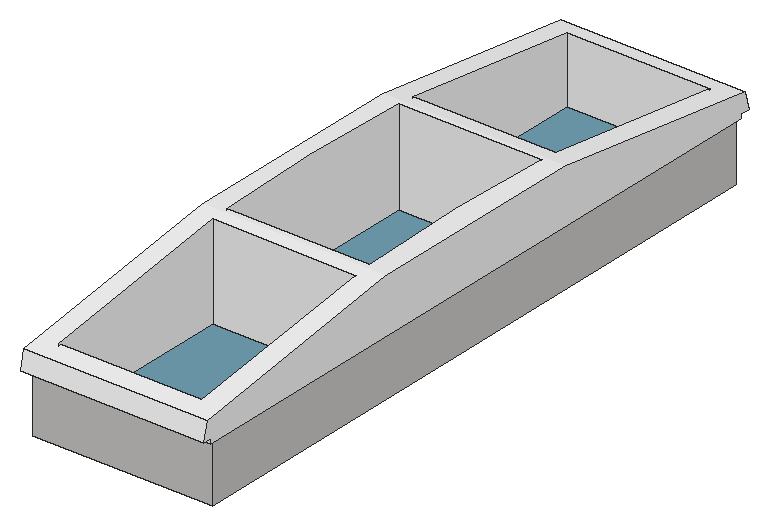
Revit family "Recessed_Shelf-Whitehall-BestCare_DignitySuite-WHD-SHV10", category Furniture, host Face, Revit 2018
Family settings
  Host = Face
  OmniClass Number = 23.40.20.27.11
  OmniClass Title = Shelves
  Cut with Voids When Loaded = No
  Shared = Yes
  Room Calculation Point = No
Parameters (values of type "WHD-SHV10")
  Width = 6 1/2"
  Warranty Documentation Link = "https://www.whitehallmfg.com/uploads/docs/WH_Terms_Fixture.pdf"
  URL = "https://www.whitehallmfg.com/home"
  Type Comments = ""
  Product Documentation Link = "https://www.whitehallmfg.com/uploads/fileLibrary/WHD-SHV10.pdf"
  Price = "Prices may vary. Please consult Manufacturer Representative for most up-to-date price list."  # constant formula
  Mounting Frame Material = Metal-Whitehall-Stainless Steel
  Model = "WHD-SHV10"
  Manufacturer = "Whitehall Mfg."  # constant formula
  Length = 10 1/4"
  Installation Type = "Wall Mounted"  # constant formula
  Height = 38"
  Frame Material = Polymer Resin Corterra-Whitehall-Blanco (OCC11)
  Description = "Ligature Resistant recessed shelf 10” width"  # constant formula
  Default Elevation = 0"
  Creation Date = "07/22/2021"  # constant formula
  Shelf Back Panel Material = Stainless Steel-Whitehall-Dignity Blue (EG-30)-Powder Coated
  Assembly Code = "E2010"
  -OCC Optional Corterra Color (Frame) Specify OCC = no
  -MF Mirror Finish (Shelf Backing) = no
  -EG10 Snow White Enviro-glaze color (Shelf Backing) = no
Reference planes (in)
  plane 1 "Center (Front/Back)": y = 0
  plane 2: z = 0
  plane 3 "Center (Left/Right)": x = 0
  plane 4: y = 6
  plane 5: y = -6
  plane 6: y = 7
  plane 7: x = -4
  plane 8: x = 4
  plane 9: y = -7
  plane 10: y = 17.75
  plane 11: y = -17.75
  plane 12: y = -18.75
  plane 13: x = -5.125
  plane 14: x = 5.125
  plane 15: y = -19
  plane 16: y = 19
  plane 17: x = 5
  plane 18: x = -5
  plane 19: z = 3
  plane 20: z = 1
  plane 21: z = -3.5
  plane 22: y = 18.75
Forms (in)
  Extrusion 1, solid, material "Polymer Resin Corterra-Whitehall-Blanco (OCC11)" <- "Frame Material"
    sketch origin (31.70616, 36.92316, -3.5) x (0, -1, 0) y (0, 0, -1)
      loop
        line (55.17316, 0) -> (18.67316, 0) -> (18.67316, -3.25) -> (18.42316, -3.25) -> (18.42316, -3.5) -> (17.92316, -3.5) -> (18.19111, -4.5)
        arc (18.19111, -4.5) -> (36.92316, -6.5) -> (55.65521, -4.5) r 88.72243
        line (55.65521, -4.5) -> (55.92316, -3.5) -> (55.42316, -3.5) -> (55.42316, -3.25) -> (55.17316, -3.25) -> (55.17316, 0)
    from -36.83116 to -26.58116
  Extrusion 2, void
    sketch origin (0, 0, -3.5) x (1, 0, 0) y (0, 1, 0)
      loop
        line (-4, 17.75) -> (-4, 7) -> (4, 7) -> (4, 17.75) -> (-4, 17.75)
      loop
        line (-4, 6) -> (-4, -6) -> (4, -6) -> (4, 6) -> (-4, 6)
      loop
        line (-4, -7) -> (-4, -17.75) -> (4, -17.75) -> (4, -7) -> (-4, -7)
    from 1 to 6.5
  Extrusion 3, void
    sketch origin (-12.94305, -11.44376, -3.5) x (1, 0, 0) y (0, 0, -1)
      loop
        line (7.94305, -3.25) -> (7.94305, 0) -> (5.59697, 0) -> (5.59697, -3.25) -> (7.94305, -3.25)
      loop
        line (17.94305, -3.25) -> (20.28913, -3.25) -> (20.28913, 0) -> (17.94305, 0) -> (17.94305, -3.25)
    from -6.80624 to 29.69376
  Extrusion 4, void
    sketch origin (0, 0, 0) x (1, 0, 0) y (0, 1, 0)
      loop
        line (-5.125, 19) -> (-5.125, -19) -> (5.125, -19) -> (5.125, 19) -> (-5.125, 19)
    from -3.5 to 3
Cuts and joins
  Extrusion 2, Extrusion 3 cuts Extrusion 1
Lines and regions (in)
  Masking region 1
    outline origin (4, 23.531, 6.5) x (0, 0, 1) y (1, 0, 0)
      loop
        line (-3.5, 1.125) -> (-6.5, 1.125) -> (-6.5, -9.125) -> (-3.5, -9.125) -> (-3.5, -8) -> (-3.70311, -8) -> (-3.70311, 0) -> (-3.5, 0) -> (-3.5, 1.125)
  symbolic lines, detail levels fine
    curve 1: line (4, 23.531, 2.72343) -> (-4, 23.531, 2.72343)
    curve 2: line (4, 23.531, 2.72343) -> (4, 23.531, 1.20632)
    curve 3: line (-4, 23.531, 1.20632) -> (4, 23.531, 1.20632)
    curve 4: line (-4, 23.531, 1.20632) -> (-4, 23.531, 2.72343)
  symbolic lines, detail levels medium+fine
    curve 5: line (-5.125, 23.531, 1) -> (5.125, 23.531, 1)
Dimensions and locks (in)
  equal spacing: plane 5, plane 1 "Center (Front/Back)", plane 4
  plane 5 to plane 4 = 12"
  equal spacing: plane 7, plane 3 "Center (Left/Right)", plane 8
  plane 7 to plane 8 = 8"
  "Length": plane 13 to plane 14
  equal spacing: plane 13, plane 3 "Center (Left/Right)", plane 14
  equal spacing: plane 15, plane 1 "Center (Front/Back)", plane 16
  "Height": plane 15 to plane 16
  plane 13 to plane 7 = 1 1/8"
  plane 8 to plane 14 = 1 1/8"
  locked: plane 20 to plane 21 at 4.5
  locked: plane 19 to plane 21 at 6.5
  locked: plane 22 to plane 10 at 1
  locked: plane 6 to plane 4 at 1
  locked: plane 9 to plane 5 at 1
  locked: plane 12 to plane 11 at 1
  plane 11 to plane 9 = 10 3/4"
  plane 10 to plane 6 = 10 3/4"
  locked: plane 16 to plane 22 at 0.25
  locked: plane 12 to plane 15 at 0.25
  aligned and locked: plane 2 to host face
  aligned and locked: level to host face
  aligned and locked: Extrusion 3 to Extrusion 1  (x2)
  aligned and locked: curve 2 to cut or joined group of Extrusion 1, Extrusion 2, Extrusion 3
  aligned and locked: cut or joined group of Extrusion 1, Extrusion 2, Extrusion 3 to curve 4
  aligned and locked: curve 5 to cut or joined group of Extrusion 1, Extrusion 2, Extrusion 3
  aligned and locked: Extrusion 4 to cut or joined group of Extrusion 1, Extrusion 2, Extrusion 3  (x5)
  aligned and locked: Extrusion 1 to plane 13
  aligned and locked: Extrusion 1 to plane 14
  aligned and locked: plane 6 to Extrusion 2 sketch curve
  aligned and locked: plane 9 to Extrusion 2 sketch curve
  aligned and locked: Masking region 1 sketch curve to cut or joined group of Extrusion 1, Extrusion 2, Extrusion 3
  aligned and locked: cut or joined group of Extrusion 1, Extrusion 2, Extrusion 3 to Masking region 1 sketch curve
  aligned and locked: curve 1 to cut or joined group of Extrusion 1, Extrusion 2, Extrusion 3
Automatic sketch dimensions
  Extrusion 1 sketch curve to Extrusion 1 sketch curve = 0.26795"
  Extrusion 1 sketch curve to Extrusion 1 sketch curve = 1/4"  (x4)
  Extrusion 1 sketch curve to Extrusion 1 sketch curve = 36 1/2"
  Extrusion 1 sketch curve to Extrusion 1 sketch curve = 0.23205"
  Extrusion 1 sketch curve to Extrusion 1 sketch curve = 1/2"  (x2)
  Extrusion 1 sketch curve to Extrusion 1 sketch curve = 1"  (x2)
  Extrusion 1 sketch curve to Extrusion 1 sketch curve = 18 1/4"
  Extrusion 1 sketch curve to Extrusion 1 sketch curve = 3 1/4"
  Extrusion 1 sketch curve to Extrusion 1 sketch curve = 82.22243"
  Extrusion 2 sketch curve to Extrusion 2 sketch curve = 0"  (x4)
  Extrusion 2 sketch curve to Extrusion 2 sketch curve = 8"
  Extrusion 2 sketch curve to Extrusion 2 sketch curve = 1"  (x2)
  Extrusion 2 sketch curve to Extrusion 2 sketch curve = 10 3/4"
  Extrusion 3 sketch curve to Extrusion 3 sketch curve = 2.34608"  (x2)
  Extrusion 3 sketch curve to Extrusion 3 sketch curve = 10"
  Extrusion 3 sketch curve to Extrusion 3 sketch curve = 0"
  Extrusion 3 sketch curve to Extrusion 3 sketch curve = 3 1/4"  (x2)
  Extrusion 1 sketch curve to level = 0"
  Extrusion 1 sketch curve to plane 16 = 0"
  plane 7 to Extrusion 2 sketch curve = 0"
  plane 11 to Extrusion 2 sketch curve = 0"
  Extrusion 3 sketch curve to plane 21 = 0"
  Extrusion 3 sketch curve to plane 18 = 0"
  plane 7 to Extrusion 4 sketch curve = 9 1/8"
  Extrusion 4 sketch curve to plane 16 = 0"
  plane 13 to Extrusion 4 sketch curve = 0"
  Extrusion 4 sketch curve to plane 15 = 0"
  host sketch curve to host sketch curve = 96"  (x2)
  Masking region 1 sketch curve to level = 0"
  Masking region 1 sketch curve to plane 7 = 0"
  plane 8 to Masking region 1 sketch curve = 0"
  Masking region 1 sketch curve to plane 19 = 0"  (x2)
  Masking region 1 sketch curve to Masking region 1 sketch curve = 13/64"
  curve 5 to plane 13 = 0"
  plane 14 to curve 5 = 0"
  plane 20 to curve 4 = 0.20632"
